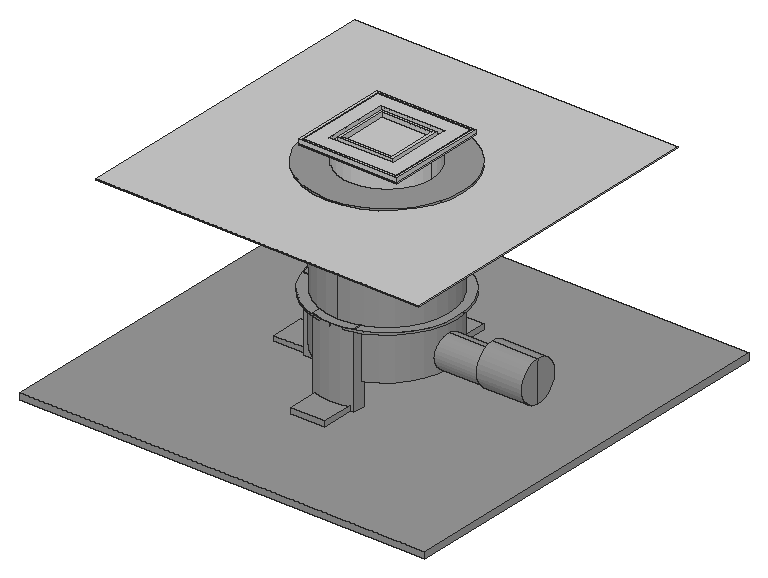
Revit family "HL_Корпус плоского душевого лотка InFloor_HL541i", category Plumbing Fixtures, Revit 2016
Family settings
  Part Type = Normal
  Round Connector Dimension = Use Diameter
  OmniClass Number = 23.70.50.21.24.14
  OmniClass Title = Deck Waste Water Drains
  Work Plane-Based = No
  Always vertical = Yes
  Cut with Voids When Loaded = No
  Shared = No
  Room Calculation Point = Yes
Parameters (values of type "HL_Корпус плоского душевого лотка InFloor_HL541i")
  РЕШЁТКА = "Edelstahl V2A 115x115mm"
  РАЗМЕР = "DN40/50"
  ПРОПУСКНАЯ СПОСОБНОСТЬ [instance] = 0.0 L/s
  ПРОИЗВОДИТЕЛЬНОСТЬ = "0,44l/s"
  ПРАВОВАЯ ИНФОРМАЦИЯ = "\"Авторские права(©), права на дизайн или какие либо другие права интелектуальной собственности являются исключительной собственностью компании HL Hutterer & Lechner. Изменению не подлежит. Файл семейства с данными о прозводителе изделия защищен паролем с водяным знаком.\""
  НОМИНАЛЬНЫЙ ДИАМЕТР [instance] = 50 mm
  НАСАДКА = "Edelstahl V4A 10-30mm/121x121"
  МАТЕРИАЛ = "PP/Edelstahl"
  МАКСИМАЛЬНАЯ НАГРУЗКА КЛАССА = "K3 - 300kg"
  ВЫСОТА МОНТАЖА = "62-200mm (Estrichoberkante)"
  ВЕС = "1,38 kg"
  x [instance] = if(Высота монтажа 1 < Высота монтажа 1 min, -10 mm, if(Высота монтажа 1 > Высота монтажа 1 max, -10 mm, if(Высота монтажа 2 < Высота монтажа 2 min, -10 mm, if(Высота монтажа 2 > Высота монтажа 2 max, -10 mm, if(Высота монтажа 3 < Высота монтажа 3 min, -10 mm, if(Высота монтажа 3 > Высота монтажа 3 max, -10 mm, 20 mm))))))  # 20 mm
  Manufacturer = "HL Hutterer & Lechner GmbH"
  URL = "http://www.hutterer-lechner.com/ru/products/catalog/roof-drains/HL541i.aspx"
  Tile Material [instance] = none
  Vent Connection = no
  Waste Connection = yes
  HW Connection = no
  CW Connection = no
  Description = "Душевой трап"
  ND40 [instance] = (НОМИНАЛЬНЫЙ ДИАМЕТР = 40 mm)  # no
  Model = "HL541i"
  Assembly Code = " "
  Type Comments = "Душевой трап \"PRIMUS-BLUE\", в комплект входит дизайн-решётка HL0541I - с вкладышем для керамической плитки, \"СУХОЙ\" сифон, гидроизоляционный комплект для жидкой гидроизоляции, монтажные уголки для регулировки по высоте, монтажная заглушка и надставной элемент с подрамником."
  Keynote = "HL541i"
  Высота монтажа 3 min [instance] = 0 mm  # constant formula
  Высота монтажа 3 max [instance] = 30 mm  # constant formula
  Высота монтажа 3 [instance] = 30 mm
  Высота монтажа 2 min [instance] = 62 mm  # constant formula
  Высота монтажа 2 max [instance] = 200 mm  # constant formula
  Высота монтажа 1 min [instance] = 10 mm  # constant formula
  Высота монтажа 1 max [instance] = 30 mm  # constant formula
  IH [instance] = if(НОМИНАЛЬНЫЙ ДИАМЕТР = 50 mm, Высота монтажа 1 + Высота монтажа 2 + 3 mm, if(НОМИНАЛЬНЫЙ ДИАМЕТР = 40 mm, Высота монтажа 1 + Высота монтажа 2 + 3 mm, -10 mm))  # 233 mm
  Высота монтажа 2 [instance] = 200 mm
  Высота монтажа 1 [instance] = 30 mm
  HL6200 [instance] = yes
  G [instance] = 90.00°  # constant formula
  EAN = "9003076048212"
  D [instance] = if(НОМИНАЛЬНЫЙ ДИАМЕТР = 50 mm, 187 mm, if(НОМИНАЛЬНЫЙ ДИАМЕТР = 40 mm, 131 mm, -10 mm))  # 187 mm
  C [instance] = if(НОМИНАЛЬНЫЙ ДИАМЕТР = 50 mm, 207.5 mm, if(НОМИНАЛЬНЫЙ ДИАМЕТР = 40 mm, 212.5 mm, -10 mm)) - 200 mm + Высота монтажа 2 - 30 mm + Высота монтажа 1  # 207.5 mm
  B [instance] = 12 mm  # constant formula
  A [instance] = 12 mm  # constant formula
Types (2, lengths in mm): name | URL | Description | Type Comments
  (no name) | "http://www.hutterer-lechner.com/en/products/catalog/roof-drains/HL541i.aspx" | "Shower drain" | "Shower drain \"Primus-Blue\" with tile hollow, including sealing kit and adjusting angles"
  HL_Корпус плоского душевого лотка InFloor_HL541i | "http://www.hutterer-lechner.com/ru/products/catalog/roof-drains/HL541i.aspx" | "Душевой трап" | "Душевой трап \"PRIMUS-BLUE\", в комплект входит дизайн-решётка HL0541I - с вкладышем для керамической плитки, \"СУХОЙ\" сифон, гидроизоляционный комплект для жидкой гидроизоляции, монтажные уголки для регулировки по высоте, монтажная заглушка и надставной элемент с подрамником."
Values of the unnamed type that differ from the named types
  ПРАВОВАЯ ИНФОРМАЦИЯ = "\"Copyright (©), design rights or any other intellectual property rights, shall be the exclusive property of HL Hutterer & Lechner GmbH. Modification is not allowed. Family has been watermarked.\""
Reference planes
  plane 1 "Center (Front/Back)": y = 0
  plane 2: z = 0
  plane 3 "Center (Left/Right)": x = 0
  plane 4: z = -12
  plane 5: z = -233
  plane 6: z = -30
  plane 7: z = -50
Lines and regions (mm)
  model lines, style "InvisibleLines"
    curve 1: line (0, 0, 0) -> (0, 0, 20)
  model lines, style "PlumbingFixtures", detail levels coarse+medium
    curve 2: line (0, 0, -207.5) -> (0, 0, -50)
    curve 3: line (0, 0, -50) -> (-50, 0, 0)
    curve 4: line (0, 0, -50) -> (50, 0, 0)
    curve 6: line (0, 0, -207.5) -> (187, 0, -207.5)
  reference lines, not visible
    curve 5: line (0, 0, -207.5) -> (187, 0, -207.5)
  symbolic lines, style "PlumbingFixtures", detail levels coarse+medium
    curve 7: line (-75, 75, 0) -> (75, 75, 0)
    curve 8: line (-75, -75, 0) -> (-75, 75, 0)
    curve 9: line (75, -75, 0) -> (-75, -75, 0)
    curve 10: line (75, 75, 0) -> (75, -75, 0)
    curve 11: line (-75, 75, 0) -> (-145.711, 145.711, 0)
    curve 12: line (75, 75, 0) -> (145.711, 145.711, 0)
    curve 13: line (-75, -75, 0) -> (-145.711, -145.711, 0)
    curve 14: line (75, -75, 0) -> (145.711, -145.711, 0)
  symbolic lines, style "PlumbingFixtures", not visible, detail levels coarse+medium
    curve 15: line (-75, 75, 0) -> (75, 75, 0)
    curve 16: line (-75, -75, 0) -> (-75, 75, 0)
    curve 17: line (75, -75, 0) -> (-75, -75, 0)
    curve 18: line (75, 75, 0) -> (75, -75, 0)
    curve 19: line (-75, 75, 0) -> (-145.711, 145.711, 0)
    curve 20: line (75, 75, 0) -> (145.711, 145.711, 0)
    curve 21: line (-75, -75, 0) -> (-145.711, -145.711, 0)
    curve 22: line (75, -75, 0) -> (145.711, -145.711, 0)
Text (mm)
  text "FLOOR" at (-162.344, 0, -10.979), in view "вид строительства."
Dimensions and locks
  "B": plane 2 to plane 4
  "IH": plane 2 to plane 5
  plane 4 to curve 4 = 38 mm
  "D": curve 5 to curve 5
  "D": curve 6 to curve 6
  "Высота монтажа 1": plane 2 to plane 6
  "x": plane 6 to plane 7
  "C": plane 2 to curve 5
  locked: curve 4 to plane 3 "Center (Left/Right)" (angle 45.00°)
  locked: plane 3 "Center (Left/Right)" to curve 3 (angle 45.00°)
  "G": angle curve 5 to plane 3 "Center (Left/Right)"
  aligned and locked: level to plane 2
  aligned and locked: plane 2 to curve 4
  aligned and locked: plane 2 to curve 3
  aligned and locked: plane 3 "Center (Left/Right)" to curve 5
  aligned and locked: curve 6 to plane 3 "Center (Left/Right)"
  aligned and locked: nested 1 to plane 3 "Center (Left/Right)"
  aligned and locked: curve 6 to curve 5
  aligned and locked: curve 2 to curve 6
  aligned and locked: nested 2 to nested 1  (x2)
  aligned and locked: plane 2 to nested 1
Automatic sketch dimensions
  plane 3 "Center (Left/Right)" to curve 2 = 0 mm
  curve 1 to plane 3 "Center (Left/Right)" = 0 mm
  curve 1 to level = 0 mm
  level to curve 1 = 20 mm
Nested families
  nested 1: "HL_541i" at (0, 0, 0), IH1 <- "Высота монтажа 1", IH2 <- "Высота монтажа 2", IH3 <- "Высота монтажа 3", DN 40 <- "ND40", type "HL_541i"
    with IH3 30 mm, IH2 200 mm, IH1 30 mm, DN 50 yes, DN 40 no, A 40 mm
  nested 2: "HL_Звукоизоляционная прокладка_HL6200" at (0, 0, -262.536), visible <- "HL6200", type "HL_Звукоизоляционная прокладка_HL6200"
Connectors
  piping at (187, 0, -207.5), diameter 50, driven by "ПРОПУСКНАЯ СПОСОБНОСТЬ", driven by "НОМИНАЛЬНЫЙ ДИАМЕТР"
    settings: on curve 5, index 1, connector inside diameter 609.6 mm, connector length 0 mm, flow factor 0, pipe flow 0.0 L/s, pressure drop 0.0 Pa, fitting loss kfactor 0, connector angle 0.00°, fixture units 0, engagement length 0 mm, angle of deflection 0.00°, flow configuration 1, flow direction 2, fitting loss method 0, system type 16, joint type 0, gender type 0, connector reference index -1, connector utility 0, adjustable connector yes, is connector primary yes, connector description ""
Definition of nested family "HL_541i"
  Parameters
    РЕШЁТКА = "Edelstahl V2A 115x115mm"
    РАЗМЕР = "DN40/50"
    ПРОИЗВОДИТЕЛЬНОСТЬ = "0,44l/s"
    ПРАВОВАЯ ИНФОРМАЦИЯ = "\"Copyright (©), design rights or any other intellectual property rights, shall be the exclusive property of HL Hutterer & Lechner GmbH. Modification is not allowed. Family has been watermarked.\""
    НАСАДКА = "Edelstahl V4A 10-30mm/121x121"
    МАТЕРИАЛ = "PP/Edelstahl"
    МАКСИМАЛЬНАЯ НАГРУЗКА КЛАССА = "K3 - 300kg"
    ВЫСОТА МОНТАЖА = "62-200mm (Estrichoberkante)"
    ВЕС = "1,38 kg"
    Manufacturer = "HL Hutterer & Lechner GmbH"
    URL = "http://www.hutterer-lechner.com/en/products/catalog/roof-drains/HL541i.aspx"
    Description = "Shower drain"
    Model = "HL541i"
    Type Comments = "Shower drain \"Primus-Blue\" with tile hollow, including sealing kit and adjusting angles"
    Keynote = "HL541i"
    IH3 min = 0 mm  # constant formula
    IH3 max = 30 mm  # constant formula
    IH3 [instance] = 30 mm
    IH2 min = 62 mm  # constant formula
    IH2 max = 200 mm  # constant formula
    IH2 [instance] = 200 mm
    IH1 min = 10 mm  # constant formula
    IH1 max = 30 mm  # constant formula
    IH1 [instance] = 30 mm
    EAN = "9003076048212"
    DN 50 [instance] = not(DN 40)  # yes
    DN 40 [instance] = no
    Cost = 0
    A [instance] = IH3 + 10 mm  # 40 mm
  Types (2, lengths in mm): name | ПРАВОВАЯ ИНФОРМАЦИЯ | URL | Description | Type Comments
    (no name) | "\"Copyright (©), design rights or any other intellectual property rights, shall be the exclusive property of HL Hutterer & Lechner GmbH. Modification is not allowed. Family has been watermarked.\"" | "http://www.hutterer-lechner.com/en/products/catalog/roof-drains/HL541i.aspx" | "Shower drain" | "Shower drain \"Primus-Blue\" with tile hollow, including sealing kit and adjusting angles"
    HL_541i | "\"Авторские права(©), права на дизайн или какие либо другие права интелектуальной собственности являются исключительной собственностью компании HL Hutterer & Lechner. Изменению не подлежит. Файл семейства с данными о прозводителе изделия защищен паролем с водяным знаком.\"" | "http://www.hutterer-lechner.com/ru/products/catalog/roof-drains/HL541i.aspx" | "Душевой трап" | "Душевой трап \"PRIMUS-BLUE\", в комплект входит дизайн-решётка HL0541I - с вкладышем для керамической плитки, \"СУХОЙ\" сифон, гидроизоляционный комплект для жидкой гидроизоляции, монтажные уголки для регулировки по высоте, монтажная заглушка и надставной элемент с подрамником."
  Reference planes
    plane 1 "Střed (vpředu/vzadu)": y = 0
    plane 2: z = 0
    plane 3 "Střed (vlevo/vpravo)": x = 0
    plane 4: z = -30
    plane 5: z = -32.536
    plane 6: z = -170.536
    plane 7: z = -262.536
    plane 8: z = -232.536
    plane 9: z = -222.536
  Forms (mm)
    Extrusion 1, solid, detail levels fine
      sketch origin (0, -200, -32.536) x (0, 1, 0) y (-1, 0, 0)
        loop
          line (0, 200) -> (0, -200) -> (400, -200) -> (400, 200) -> (0, 200)
      from 0 to 1
    Extrusion 2, solid, detail levels fine
      sketch origin (0, -200, -32.536) x (0, 1, 0) y (-1, 0, 0)
        loop
          circle (200, 0) r 94.116
      from 1 to 2.5
    Extrusion 3, solid, detail levels fine
      sketch origin (0, 0, 0) x (1, 0, 0) y (0, 1, 0)
        loop
          line (-60.806, 60.806) -> (-60.806, -60.806) -> (60.806, -60.806) -> (60.806, 60.806) -> (-60.806, 60.806)
        loop
          line (58, -58) -> (58, 58) -> (-58, 58) -> (-58, -58) -> (58, -58)
        loop
          line (-57.5, 57.5) -> (-57.5, -57.5) -> (57.5, -57.5) -> (57.5, 57.5) -> (-57.5, 57.5)
        loop
          line (40, -40) -> (40, 40) -> (-40, 40) -> (-40, -40) -> (40, -40)
        loop
          line (-34, 34) -> (-34, -34) -> (34, -34) -> (34, 34) -> (-34, 34)
        loop
          line (31, -31) -> (31, 31) -> (-31, 31) -> (-31, -31) -> (31, -31)
      from 0 to -5.3
    Extrusion 4, solid, detail levels fine
      sketch origin (0, 0, 0) x (1, 0, 0) y (0, 1, 0)
        loop
          line (-60.806, 60.806) -> (-60.806, -60.806) -> (60.806, -60.806) -> (60.806, 60.806) -> (-60.806, 60.806)
      from -5.3 to -6.3
    Extrusion 5, solid, detail levels fine
      sketch origin (0, 0, 0) x (1, 0, 0) y (0, 1, 0)
        loop
          circle (0, 0) r 55
      from -6.3 to -30
    Extrusion 6, solid, detail levels fine
      sketch origin (0, 88, -170.536) x (0, 1, 0) y (-1, 0, 0)
        loop
          circle (-88, 0) r 76.261
      from -62 to 138
    Extrusion 7, solid, detail levels fine
      sketch origin (0, 88, -170.536) x (0, 1, 0) y (-1, 0, 0)
        loop
          circle (-88, 0) r 87.869
      from 0 to -2.5
    Extrusion 8, solid, detail levels fine
      sketch origin (0, 122.746, -232.536) x (0, 1, 0) y (-1, 0, 0)
        loop
          arc (-97.392, 83.047) -> (-122.746, 87.869) -> (-148.1, 83.047) r 69.073
          line (-148.1, 83.047) -> (-148.1, 68.047)
          arc (-148.1, 68.047) -> (-122.746, 72.869) -> (-97.392, 68.047) r 69.073
          line (-97.392, 68.047) -> (-97.392, 83.047)
      from -30 to 62
    Extrusion 9, solid, detail levels fine
      sketch origin (0, 133.67, -262.536) x (0, 1, 0) y (-1, 0, 0)
        loop
          line (-112.67, 122.746) -> (-154.67, 122.746) -> (-154.67, 72.972) -> (-112.67, 72.972) -> (-112.67, 122.746)
      from 0 to 6
    Extrusion 10, solid, detail levels fine
      sketch origin (122.746, 0, -232.536) x (1, 0, 0) y (0, 1, 0)
        loop
          arc (-97.392, 83.047) -> (-122.746, 87.869) -> (-148.1, 83.047) r 69.073
          line (-148.1, 83.047) -> (-148.1, 68.047)
          arc (-148.1, 68.047) -> (-122.746, 72.869) -> (-97.392, 68.047) r 69.073
          line (-97.392, 68.047) -> (-97.392, 83.047)
      from -30 to 62
    Extrusion 11, solid, detail levels fine
      sketch origin (0, 133.67, -262.536) x (0, 1, 0) y (-1, 0, 0)
        loop
          line (-10.924, -21) -> (-10.924, 21) -> (-60.698, 21) -> (-60.698, -21) -> (-10.924, -21)
      from 0 to 6
    Extrusion 12, solid, detail levels fine
      sketch origin (122.746, 0, -232.536) x (1, 0, 0) y (0, 1, 0)
        loop
          line (-97.392, -83.047) -> (-97.392, -68.047)
          arc (-97.392, -68.047) -> (-122.746, -72.869) -> (-148.1, -68.047) r 69.073
          line (-148.1, -68.047) -> (-148.1, -83.047)
          arc (-148.1, -83.047) -> (-122.746, -87.869) -> (-97.392, -83.047) r 69.073
      from -30 to 62
    Extrusion 13, solid, detail levels fine
      sketch origin (0, 133.67, -262.536) x (0, 1, 0) y (-1, 0, 0)
        loop
          line (-256.416, -21) -> (-206.642, -21) -> (-206.642, 21) -> (-256.416, 21) -> (-256.416, -21)
      from 0 to 6
    Revolve 14, solid, visible <- "DN 50", detail levels fine
      sketch origin (0, 0, 0) x (1, 0, 0) y (0, 0, 1)
        loop
          line (187, -207.511) -> (187, -182.511) -> (131, -182.511) -> (131, -207.511) -> (187, -207.511)
        axis (131, -207.511) -> (187, -207.511)
      angle from 0 to 360
    Revolve 15, solid, detail levels fine
      sketch origin (0, 0, 0) x (1, 0, 0) y (0, 0, 1)
        loop
          line (131, -212.511) -> (131, -192.511) -> (51, -192.511) -> (51, -212.511) -> (131, -212.511)
        axis (51, -212.511) -> (131, -212.511)
      angle from 0 to 360
  Dimensions and locks
    "IH1": plane 2 to plane 4
    locked: plane 4 to plane 5 at 2.536
    "IH2": plane 5 to plane 8
    "A": plane 9 to plane 7
    locked: plane 9 to plane 8 at 10
    locked: plane 6 to plane 8 at 62
    locked: Revolve 14 sketch curve to Revolve 14 sketch curve at 25
    locked: Revolve 14 sketch curve to plane 8 at 25.025
    locked: Revolve 15 sketch curve to Revolve 15 sketch curve at 20
    locked: Revolve 15 sketch curve to plane 8 at 20.025
    aligned and locked: level to plane 2
    aligned and locked: Extrusion 5 to plane 4
    aligned and locked: plane 5 to Extrusion 6
    aligned and locked: plane 6 to Extrusion 8
    aligned and locked: Extrusion 8 to plane 7
    aligned and locked: Extrusion 6 to plane 8
    aligned and locked: Extrusion 12 to plane 7
    aligned and locked: Extrusion 10 to plane 7
    aligned and locked: plane 6 to Extrusion 12
    aligned and locked: plane 6 to Extrusion 10
  Automatic sketch dimensions
    plane 1 "Střed (vpředu/vzadu)" to Extrusion 1 sketch curve = 200 mm
    Extrusion 1 sketch curve to plane 1 "Střed (vpředu/vzadu)" = 200 mm
    plane 3 "Střed (vlevo/vpravo)" to Extrusion 1 sketch curve = 200 mm
    Extrusion 1 sketch curve to plane 3 "Střed (vlevo/vpravo)" = 200 mm
    plane 1 "Střed (vpředu/vzadu)" to Extrusion 2 sketch curve = 0 mm
    Extrusion 2 sketch curve to plane 3 "Střed (vlevo/vpravo)" = 0 mm
    Extrusion 4 sketch curve to plane 3 "Střed (vlevo/vpravo)" = 60.806 mm
    plane 3 "Střed (vlevo/vpravo)" to Extrusion 4 sketch curve = 60.806 mm
    plane 1 "Střed (vpředu/vzadu)" to Extrusion 4 sketch curve = 60.806 mm
    Extrusion 4 sketch curve to plane 1 "Střed (vpředu/vzadu)" = 60.806 mm
    plane 1 "Střed (vpředu/vzadu)" to Extrusion 5 sketch curve = 0 mm
    Extrusion 5 sketch curve to plane 3 "Střed (vlevo/vpravo)" = 0 mm
    plane 1 "Střed (vpředu/vzadu)" to Extrusion 6 sketch curve = 0 mm
    Extrusion 6 sketch curve to plane 3 "Střed (vlevo/vpravo)" = 0 mm
    plane 1 "Střed (vpředu/vzadu)" to Extrusion 7 sketch curve = 0 mm
    Extrusion 7 sketch curve to plane 3 "Střed (vlevo/vpravo)" = 0 mm
    plane 1 "Střed (vpředu/vzadu)" to Extrusion 8 sketch curve = 0 mm  (x2)
    plane 1 "Střed (vpředu/vzadu)" to Extrusion 8 sketch curve = 25.354 mm
    Extrusion 8 sketch curve to plane 1 "Střed (vpředu/vzadu)" = 25.354 mm
    Extrusion 8 sketch curve to plane 3 "Střed (vlevo/vpravo)" = 3.796 mm
    Extrusion 8 sketch curve to Extrusion 8 sketch curve = 15 mm  (x2)
    Extrusion 8 sketch curve to Extrusion 8 sketch curve = 49.252 mm
    plane 1 "Střed (vpředu/vzadu)" to Extrusion 9 sketch curve = 21 mm
    Extrusion 9 sketch curve to plane 1 "Střed (vpředu/vzadu)" = 21 mm
    Extrusion 9 sketch curve to plane 3 "Střed (vlevo/vpravo)" = 72.972 mm
    Extrusion 9 sketch curve to Extrusion 9 sketch curve = 49.774 mm
    Extrusion 10 sketch curve to plane 3 "Střed (vlevo/vpravo)" = 0 mm  (x2)
    Extrusion 10 sketch curve to plane 3 "Střed (vlevo/vpravo)" = 25.354 mm
    plane 3 "Střed (vlevo/vpravo)" to Extrusion 10 sketch curve = 25.354 mm
    Extrusion 10 sketch curve to plane 1 "Střed (vpředu/vzadu)" = 3.796 mm
    Extrusion 10 sketch curve to Extrusion 10 sketch curve = 15 mm  (x2)
    Extrusion 10 sketch curve to Extrusion 10 sketch curve = 49.252 mm
    plane 3 "Střed (vlevo/vpravo)" to Extrusion 11 sketch curve = 21 mm
    Extrusion 11 sketch curve to plane 1 "Střed (vpředu/vzadu)" = 72.972 mm
    Extrusion 11 sketch curve to plane 3 "Střed (vlevo/vpravo)" = 21 mm
    Extrusion 11 sketch curve to Extrusion 11 sketch curve = 49.774 mm
    Extrusion 12 sketch curve to plane 3 "Střed (vlevo/vpravo)" = 0 mm  (x2)
    Extrusion 12 sketch curve to plane 3 "Střed (vlevo/vpravo)" = 25.354 mm
    plane 3 "Střed (vlevo/vpravo)" to Extrusion 12 sketch curve = 25.354 mm
    plane 1 "Střed (vpředu/vzadu)" to Extrusion 12 sketch curve = 83.047 mm
    Extrusion 12 sketch curve to Extrusion 12 sketch curve = 15 mm
    plane 1 "Střed (vpředu/vzadu)" to Extrusion 12 sketch curve = 18.796 mm
    plane 1 "Střed (vpředu/vzadu)" to Extrusion 12 sketch curve = 3.796 mm
    Extrusion 13 sketch curve to plane 3 "Střed (vlevo/vpravo)" = 21 mm
    plane 1 "Střed (vpředu/vzadu)" to Extrusion 13 sketch curve = 122.746 mm
    Extrusion 13 sketch curve to Extrusion 13 sketch curve = 49.774 mm
    plane 3 "Střed (vlevo/vpravo)" to Extrusion 13 sketch curve = 21 mm
    plane 3 "Střed (vlevo/vpravo)" to Revolve 14 sketch curve = 131 mm
    Revolve 14 sketch curve to Revolve 14 sketch curve = 56 mm
    Revolve 14 sketch curve to Revolve 14 sketch curve = 0 mm
    plane 9 to Revolve 14 sketch curve = 15.025 mm
    Revolve 14 sketch curve to Revolve 14 sketch curve = 105 mm
    plane 3 "Střed (vlevo/vpravo)" to Revolve 15 sketch curve = 51 mm
    Revolve 15 sketch curve to Revolve 15 sketch curve = 80 mm
    Revolve 15 sketch curve to Revolve 15 sketch curve = 0 mm
    plane 9 to Revolve 15 sketch curve = 10.025 mm
    Revolve 15 sketch curve to Revolve 15 sketch curve = 45 mm
    Extrusion 3 sketch curve to plane 3 "Střed (vlevo/vpravo)" = 60.806 mm
    Extrusion 3 sketch curve to Extrusion 3 sketch curve = 2.806 mm  (x4)
    Extrusion 3 sketch curve to Extrusion 3 sketch curve = 0.5 mm  (x4)
    Extrusion 3 sketch curve to Extrusion 3 sketch curve = 17.5 mm  (x4)
    Extrusion 3 sketch curve to Extrusion 3 sketch curve = 6 mm  (x4)
    Extrusion 3 sketch curve to Extrusion 3 sketch curve = 3 mm  (x4)
    plane 3 "Střed (vlevo/vpravo)" to Extrusion 3 sketch curve = 31 mm
    plane 1 "Střed (vpředu/vzadu)" to Extrusion 3 sketch curve = 60.806 mm
    Extrusion 3 sketch curve to plane 1 "Střed (vpředu/vzadu)" = 31 mm
    radius of Extrusion 2 sketch curve = 94.116 mm
    radius of Extrusion 5 sketch curve = 55 mm
    radius of Extrusion 6 sketch curve = 76.261 mm
    radius of Extrusion 7 sketch curve = 87.869 mm
Definition of nested family "HL_Звукоизоляционная прокладка_HL6200"
  Parameters (values of type "HL_Звукоизоляционная прокладка_HL6200")
    РАЗМЕР = "500 x 500mm"
    ПРАВОВАЯ ИНФОРМАЦИЯ = "\"Авторские права(©), права на дизайн или какие либо другие права интелектуальной собственности являются исключительной собственностью компании HL Hutterer & Lechner. Изменению не подлежит. Файл семейства с данными о прозводителе изделия защищен паролем с водяным знаком.\""
    МАТЕРИАЛ = "Gummigranulat"
    ВЫСОТА МОНТАЖА = " 8mm"
    ВЕС = "1,82 kg"
    Waste Connection = no
    Vent Connection = no
    Manufacturer = "HL Hutterer & Lechner GmbH"
    URL = "http://www.hutterer-lechner.com/ru/Products/catalog/Barriere-free-showers/attachments/HL6200.aspx"
    HW Connection = no
    Description = "Звукоизоляционная прокладка"
    Model = "HL6200"
    Type Comments = "Звукоизоляционная прокладка 500х500х8 мм"
    Keynote = "HL6200"
    EAN = "9003076033805"
    CW Connection = no
  Reference planes
    plane 1 "Center (Front/Back)": y = 0
    plane 2: z = 0
    plane 3 "Center (Left/Right)": x = 0
    plane 4 "Ball Joint Vertical": x = 25.45
  Forms (mm)
    Extrusion 1, solid, detail levels fine
      sketch origin (0, 0, 0) x (1, 0, 0) y (0, 1, 0)
        loop
          line (-250, 245.976) -> (-250, -254.024) -> (250, -254.024) -> (250, 245.976) -> (-250, 245.976)
      from 0 to -8.024
  Text (mm)
    text "ROOF/FLOOR" at (-198.233, 0, -26.556), in view "вид строительства"
  Dimensions and locks
    locked: plane 4 "Ball Joint Vertical" to plane 3 "Center (Left/Right)" at 25.45
    aligned and locked: level to plane 2
